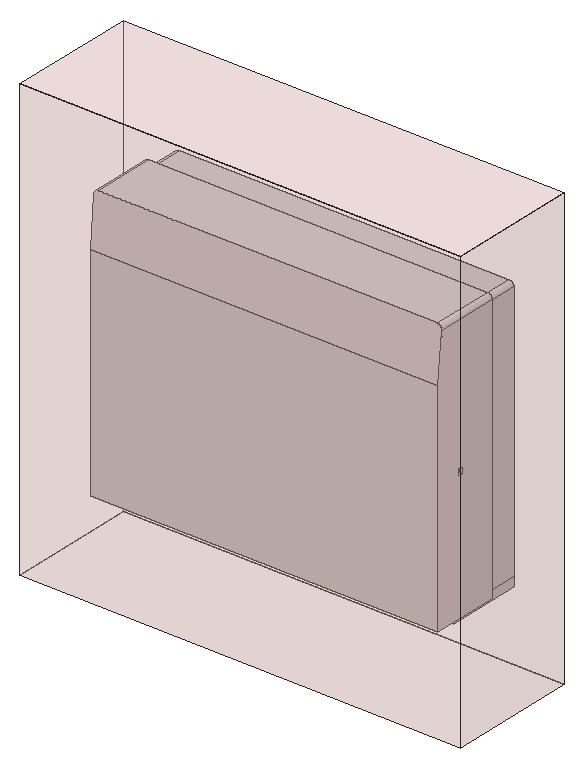
Revit family "MFZ-KT50VG-E1(ET1)", category Mechanical Equipment, Revit 2016
Family settings
  Part Type = Normal
  Round Connector Dimension = Use Radius
  OmniClass Number = 23.75.00.00
  OmniClass Title = Climate Control (HVAC)
  Work Plane-Based = No
  Always vertical = Yes
  Cut with Voids When Loaded = No
  Shared = No
  Room Calculation Point = No
Parameters (values of type "MFZ-KT50VG-E1 (ET1)")
  Width (mm) = 750.000 mm
  Model = "MFZ-KT50VG"
  Voltage = 230 V
  Unit Weight (kg) = 14.5
  URL = "http://www.mitsubishielectric.com/"
  Subcategory = "HVAC"
  Space View = yes
  Remote Controller Model = "SG191"
  Phase = 1
  Manufacturer = "Mitsubishi Electric Corporation"
  Liquid pipe_radius (mm) = 3.175 mm
  Hertz = 50 Hz
  Height (mm) = 600.000 mm
  Heating Sound Level 2_Super Hgh (db(A)) = 49
  Heating Sound Level 2_Silent (dB(A)) = 29
  Heating Sound Level 2_Med. (db(A)) = 40
  Heating Sound Level 2_Low (db(A)) = 35
  Heating Sound Level 2_Hgh (db(A)) = 44
  Heating Sound Level 1_Super Hgh (db(A)) = 49
  Heating Sound Level 1_Silent (dB(A)) = 29
  Heating Sound Level 1_Med. (db(A)) = 40
  Heating Sound Level 1_Low (db(A)) = 35
  Heating Sound Level 1_Hgh (db(A)) = 44
  Heating Running Current (A) = 0.45
  Heating Power Input (W) = 52 W
  Heating Fan Speed 2_Super High (rpm) = 1250
  Heating Fan Speed 2_Silent (rpm) = 610
  Heating Fan Speed 2_Med. (rpm) = 890
  Heating Fan Speed 2_Low (rpm) = 750
  Heating Fan Speed 2_High (rpm) = 1060
  Heating Fan Speed 1_Super High (rpm) = 1250
  Heating Fan Speed 1_Silent (rpm) = 610
  Heating Fan Speed 1_Med. (rpm) = 890
  Heating Fan Speed 1_Low (rpm) = 750
  Heating Fan Speed 1_High (rpm) = 1060
  Heating Fan Motor Current (A) = 0.43
  Heating Air Flow 2_Super High (m3/h) = 840
  Heating Air Flow 2_Silent (m3/h) = 360
  Heating Air Flow 2_Med. (m3/h) = 564
  Heating Air Flow 2_Low (m3/h) = 462
  Heating Air Flow 2_High (m3/h) = 696
  Heating Air Flow 1_Super High (m3/h) = 840
  Heating Air Flow 1_Silent (m3/h) = 360
  Heating Air Flow 1_Med. (m3/h) = 564
  Heating Air Flow 1_Low (m3/h) = 462
  Heating Air Flow 1_High (m3/h) = 696
  Gas pipe_radius (mm) = 6.350 mm
  Fan Speed Regulator = "5"
  Fan Motor Model = "RC0J40-P#"
  Drain pipe_radius (mm) = 8.000 mm
  Depth (mm) = 215.000 mm
  Cooling Sound Level 2_Super High (db(A)) = 48
  Cooling Sound Level 2_Silent (db(A)) = 28
  Cooling Sound Level 2_Med. (db(A)) = 37
  Cooling Sound Level 2_Low (db(A)) = 32
  Cooling Sound Level 2_High (db(A)) = 42
  Cooling Sound Level 1_Super High (db(A)) = 48
  Cooling Sound Level 1_Silent (db(A)) = 28
  Cooling Sound Level 1_Med. (db(A)) = 37
  Cooling Sound Level 1_Low (db(A)) = 32
  Cooling Sound Level 1_High (db(A)) = 42
  Cooling Running Current (A) = 0.34
  Cooling Power Input (W) = 37 W
  Cooling Fan Speed 2_Super High (rpm) = 1120
  Cooling Fan Speed 2_Silent (rpm) = 580
  Cooling Fan Speed 2_Med. (rpm) = 820
  Cooling Fan Speed 2_Low (rpm) = 670
  Cooling Fan Speed 2_High (rpm) = 970
  Cooling Fan Speed 1_Super High (rpm) = 1120
  Cooling Fan Speed 1_Silent (rpm) = 580
  Cooling Fan Speed 1_Med. (rpm) = 820
  Cooling Fan Speed 1_Low (rpm) = 670
  Cooling Fan Speed 1_High (rpm) = 970
  Cooling Fan Motor Current (A) = 0.32
  Cooling Air Flow 2_Super High (m3/h) = 738
  Cooling Air Flow 2_Silent (m3/h) = 336
  Cooling Air Flow 2_Med. (m3/h) = 516
  Cooling Air Flow 2_Low (m3/h) = 402
  Cooling Air Flow 2_High (m3/h) = 624
  Cooling Air Flow 1_Super High (m3/h) = 738
  Cooling Air Flow 1_Silent (m3/h) = 336
  Cooling Air Flow 1_Med. (m3/h) = 516
  Cooling Air Flow 1_Low (m3/h) = 402
  Cooling Air Flow 1_High (m3/h) = 624
  Air Direction = "4"
Reference planes
  plane 1 "Center (Front/Back)": y = 0
  plane 2 "Outline_Base": z = 0
  plane 3 "Center (Left/Right)": x = 0
  plane 4 "Outline_TOP": z = 600
  plane 5: z = 11
  plane 6 "Outline_Back": y = 107.5
  plane 7 "Outline_Front": y = -107.5
  plane 8 "_": y = 37.5
  plane 9 "Outline_L": x = -375
  plane 10 "Outline_R": x = 375
  plane 11: y = -52.5
  plane 12: x = -328
  plane 13: x = 328
  plane 14 "Liquid_pipe": z = 165
  plane 15 "Gas_pipe": z = 205
  plane 16 "Gas_pipe_2": y = -23.5
  plane 17 "Under": z = -150
  plane 18 "Outline_R2": x = 365
  plane 19 "Outline_L2": x = -365
  plane 20: z = 303
  plane 21: z = 288
  plane 22: y = -40.5
  plane 23: y = -55.5
  plane 24 "Liquid_pipe_2": y = -45.5
  plane 25: z = 20
  plane 26: z = 590
  plane 27: y = 3.5
  plane 28: x = 290
  plane 29 "Drain": z = 127
  plane 30: z = 30
  plane 31: z = 90
  plane 32: y = 47.5
Forms (mm)
  Extrusion 1, solid, material "Paint_6.4Y 8.9/0.4"
    sketch origin (0, 0, 0) x (1, 0, 0) y (0, 0, 1)
      loop
        arc (-365, 600) -> (-372.071, 597.071) -> (-375, 590) r 10
        line (-375, 590) -> (-375, 11) -> (375, 11) -> (375, 590)
        arc (375, 590) -> (372.071, 597.071) -> (365, 600) r 10
        line (365, 600) -> (-365, 600)
    from -37.5 to 107.5
  Extrusion 2, solid, material "Paint_6.4Y 8.9/0.4"
    sketch origin (0, 0, 0) x (1, 0, 0) y (0, 0, 1)
      loop
        arc (-355, 589.969) -> (-362.071, 587.04) -> (-365, 579.969) r 10
        line (-365, 579.969) -> (-365, 20) -> (365, 20) -> (365, 579.969)
        arc (365, 579.969) -> (362.071, 587.04) -> (355, 589.969) r 10
        line (355, 589.969) -> (-355, 589.969)
    from -107.5 to -37.5
  Extrusion 3, void
    sketch origin (0, 0, 0) x (0, 1, 0) y (0, 0, 1)
      loop
        line (-97.546, 600) -> (-107.5, 600) -> (-107.5, 486.221) -> (-97.546, 600)
    from -590.472 to 630.587
  Extrusion 4, solid, material "Copper"
    sketch origin (0, 0, 0) x (1, 0, 0) y (0, 1, 0)
      loop
        circle (340, -23.5) r 6.35
    from 205 to 300
  Extrusion 5, solid, material "Copper"
    sketch origin (-30, 0, 0) x (1, 0, 0) y (0, 1, 0)
      loop
        circle (360, -45.5) r 3.2
    from 165 to 260
  Extrusion 6, solid, material "Service space", visible <- "Space View"
    sketch origin (-20, 0, 0) x (1, 0, 0) y (0, 1, 0)
      loop
        line (-455, 107.5) -> (-455, -171.923) -> (495, -171.923) -> (495, 107.5) -> (-455, 107.5)
    from -150 to 800
  Extrusion 7, void
    sketch origin (375, 0, 0) x (0, 1, 0) y (0, 0, 1)
      loop
        line (-55.5, 303) -> (-55.5, 288) -> (-40.5, 288) -> (-40.5, 303) -> (-55.5, 303)
    from -10 to 0
  Extrusion 8, solid, material "Paint_6.4Y 8.9/0.4"
    sketch origin (0, 0, 0) x (0, 1, 0) y (0, 0, 1)
      loop
        line (-52.5, 0) -> (107.5, 0) -> (107.5, 20) -> (37.5, 20) -> (37.5, 11) -> (-52.5, 11) -> (-52.5, 0)
    from -365 to 365
  Extrusion 9, solid
    sketch origin (0, 0, 127) x (0, -1, 0) y (1, 0, 0)
      loop
        circle (-3.5, 290) r 8
    from 0 to 120
Cuts and joins
  Extrusion 3, Extrusion 7 cuts Extrusion 1
  Extrusion 7 cuts Extrusion 6
Lines and regions (mm)
  model lines
    curve 1: line (-318, -97.546, 600) -> (-318, -105.757, 506.145)
    curve 2: line (318, -97.546, 600) -> (318, -105.757, 506.145)
    curve 3: line (-318, -105.757, 506.145) -> (318, -105.757, 506.145)
    curve 4: line (-328, -83.012, 600) -> (-328, 11.988, 600)
    curve 5: line (-328, 11.988, 600) -> (328, 11.988, 600)
    curve 6: line (328, 11.988, 600) -> (328, -83.012, 600)
    curve 7: line (-375, -107.5, 486.221) -> (375, -107.5, 486.221)
    curve 8: line (-328, -107.5, 188.545) -> (328, -107.5, 188.545)
    curve 9: line (-328, -107.5, 28.5) -> (-328, -107.5, 188.545)
    curve 10: line (328, -107.5, 28.5) -> (-328, -107.5, 28.5)
    curve 11: line (328, -107.5, 188.545) -> (328, -107.5, 28.5)
    curve 12: line (-328, -107.5, 168.545) -> (328, -107.5, 168.545)
    curve 13: line (-328, -107.5, 158.545) -> (328, -107.5, 158.545)
    curve 14: line (-328, -107.5, 178.545) -> (328, -107.5, 178.545)
    curve 15: line (-328, -107.5, 148.545) -> (328, -107.5, 148.545)
    curve 16: line (-328, -107.5, 138.545) -> (328, -107.5, 138.545)
    curve 17: line (-328, -107.5, 128.545) -> (328, -107.5, 128.545)
    curve 18: line (-328, -107.5, 118.545) -> (328, -107.5, 118.545)
    curve 19: line (-328, -107.5, 108.545) -> (328, -107.5, 108.545)
    curve 20: line (-328, -107.5, 98.545) -> (328, -107.5, 98.545)
    curve 21: line (-328, -107.5, 88.545) -> (328, -107.5, 88.545)
    curve 22: line (-328, -107.5, 78.545) -> (328, -107.5, 78.545)
    curve 23: line (-328, -107.5, 68.545) -> (328, -107.5, 68.545)
    curve 24: line (-328, -107.5, 58.545) -> (328, -107.5, 58.545)
    curve 25: line (-328, -107.5, 48.545) -> (328, -107.5, 48.545)
    curve 26: line (-328, -107.5, 38.545) -> (328, -107.5, 38.545)
    curve 27: line (-328, -107.5, 439.565) -> (328, -107.5, 439.565)
    curve 28: line (-328, -107.5, 429.565) -> (-328, -107.5, 439.565)
    curve 29: line (328, -107.5, 429.565) -> (-328, -107.5, 429.565)
    curve 30: line (328, -107.5, 439.565) -> (328, -107.5, 429.565)
    curve 33: line (365, 95.5, 0) -> (365, 95.5, 125)
    curve 34: line (365, 95.5, 125) -> (365, 107.5, 125)
    curve 35: line (365, 95.5, 90) -> (365, 67.5, 90)
    curve 36: line (365, 47.5, 70) -> (365, 47.5, 50)
    curve 37: line (365, 67.5, 30) -> (365, 95.5, 30)
    curve 38: arc (365, 67.5, 90) -> (365, 53.358, 84.142) -> (365, 47.5, 70) r 20
    curve 39: arc (365, 67.5, 30) -> (365, 53.358, 35.858) -> (365, 47.5, 50) r 20
    curve 40: line (-365, 95.5, 0) -> (-365, 95.5, 125)
    curve 41: line (-365, 95.5, 125) -> (-365, 107.5, 125)
    curve 42: line (-365, 95.5, 90) -> (-365, 67.5, 90)
    curve 43: line (-365, 47.5, 70) -> (-365, 47.5, 50)
    curve 44: line (-365, 67.5, 30) -> (-365, 95.5, 30)
    curve 45: arc (-365, 67.5, 90) -> (-365, 53.358, 84.142) -> (-365, 47.5, 70) r 20
    curve 46: arc (-365, 47.5, 50) -> (-365, 53.358, 35.858) -> (-365, 67.5, 30) r 20
    curve 47: line (218, 107.5, 589.969) -> (218, 107.5, 520)
    curve 48: line (218, 107.5, 520) -> (-245, 107.5, 520)
    curve 49: line (-245, 107.5, 520) -> (-245, 107.5, 589.969)
  reference lines
    curve 31: line (340, -18.74, 0) -> (340, -28.26, 0)
    curve 32: line (330, -48.675, 0) -> (330, -42.325, 0)
Dimensions and locks
  plane 13 to plane 12 = 656.000 mm
  plane 10 "Outline_R" to plane 13 = 47.000 mm
  plane 12 to plane 9 "Outline_L" = 47.000 mm
  plane 10 "Outline_R" to plane 9 "Outline_L" = 750.000 mm
  plane 4 "Outline_TOP" to level = 600.000 mm
  plane 7 "Outline_Front" to plane 6 "Outline_Back" = 215.000 mm
  plane 8 "_" to plane 6 "Outline_Back" = 70.000 mm
  level to plane 17 "Under" = 150.000 mm
  plane 9 "Outline_L" to Extrusion 6 = 100.000 mm
  Extrusion 6 to plane 10 "Outline_R" = 100.000 mm
  plane 19 "Outline_L2" to plane 18 "Outline_R2" = 730.000 mm
  plane 14 "Liquid_pipe" to level = 165.000 mm
  plane 15 "Gas_pipe" to level = 205.000 mm
  plane 20 to level = 303.000 mm
  plane 20 to cut or joined group of Extrusion 6, Extrusion 7 = 15.000 mm
  plane 16 "Gas_pipe_2" to plane 6 "Outline_Back" = 131.000 mm
  plane 24 "Liquid_pipe_2" to plane 6 "Outline_Back" = 153.000 mm
  plane 22 to plane 6 "Outline_Back" = 148.000 mm
  plane 23 to plane 22 = 15.000 mm
  plane 26 to plane 25 = 570.000 mm
  locked: plane 27 to plane 6 "Outline_Back" at 104
  plane 29 "Drain" to level = 127.000 mm
  curve 31 to plane 10 "Outline_R" = 35.000 mm
  curve 32 to plane 10 "Outline_R" = 45.000 mm
  plane 28 to plane 10 "Outline_R" = 85.000 mm
  plane 30 to level = 30.000 mm
  plane 31 to plane 30 = 60.000 mm
  curve 34 to plane 2 "Outline_Base" = 125.000 mm
  curve 33 to plane 6 "Outline_Back" = 12.000 mm
  plane 32 to plane 6 "Outline_Back" = 60.000 mm
  radius of Extrusion 4 sketch curve = 6.350 mm
  radius of Extrusion 5 sketch curve = 3.200 mm
  aligned and locked: level to plane 2 "Outline_Base"
Connectors
  electrical at (0, 0, 252.545), driven by "Phase", driven by "Voltage"
    settings: index 1, voltage 230 V, apparent load 0 VA, apparent load phase1 0 VA, apparent load phase2 0 VA, apparent load phase3 0 VA, power factor 1, load classification "HVAC", number of poles 1, system type 30, power factor state 1, is connector primary yes, connector utility no, sub classification motor no, connector description ""
  piping at (340, -23.5, 205), diameter 12.7, driven by "Gas pipe_radius (mm)"
    settings: on Extrusion 4, index 3, connector inside diameter 9.6 mm, connector length 0.000 mm, flow factor 0, pipe flow 0.0 L/s, pressure drop 0.0 Pa, fitting loss kfactor 0, connector angle 0.00°, fixture units 0, engagement length 0.000 mm, angle of deflection 0.00°, flow configuration 0, flow direction 0, fitting loss method 0, system type 22, joint type 0, gender type 0, connector reference index -1, connector utility 0, adjustable connector no, is connector primary yes, connector description "Gas pipe"
  piping at (330, -45.5, 165), diameter 6.35, driven by "Liquid pipe_radius (mm)"
    settings: on Extrusion 5, index 4, connector inside diameter 6.4 mm, connector length 0.000 mm, flow factor 0, pipe flow 0.0 L/s, pressure drop 0.0 Pa, fitting loss kfactor 0, connector angle 0.00°, fixture units 0, engagement length 0.000 mm, angle of deflection 0.00°, flow configuration 0, flow direction 0, fitting loss method 0, system type 22, joint type 0, gender type 0, connector reference index -1, connector utility 0, adjustable connector no, is connector primary no, connector description "Liquid pipe"
  piping at (290, 3.5, 127), diameter 16, driven by "Drain pipe_radius (mm)"
    settings: on Extrusion 9, index 5, connector inside diameter 609.6 mm, connector length 0.000 mm, flow factor 0, pipe flow 0.0 L/s, pressure drop 0.0 Pa, fitting loss kfactor 0, connector angle 0.00°, fixture units 0, engagement length 0.000 mm, angle of deflection 0.00°, flow configuration 0, flow direction 0, fitting loss method 0, system type 22, joint type 0, gender type 0, connector reference index -1, connector utility 0, adjustable connector no, is connector primary no, connector description "Drain"
